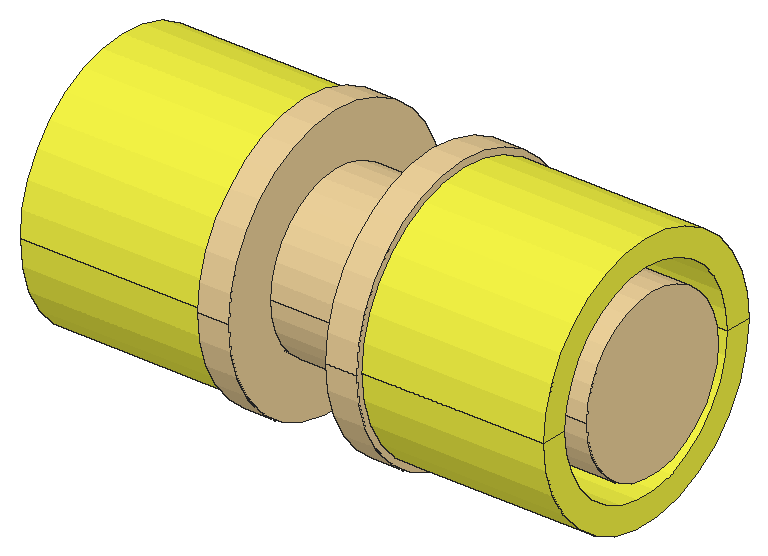
Revit family "Фитинг_Weser_Муфта прямая равнопроходная", category Соединительные детали трубопроводов, Revit 2020
Family settings
  Размер круглого соединителя = Использовать диаметр
  Тип детали = Соединение
  Номер OmniClass = 23.60.30.11.14
  Заголовок OmniClass = Pipework Fittings
  На основе рабочей плоскости = Нет
  Всегда вертикально = Да
  При загрузке вырезать с полостями = Нет
  Общий = Нет
Parameters (values of type "Латунь")
  Поиск в таблице имен 2 = "Фитинг_Weser_Муфта прямая равнопроходная(Код)"
  Отметка по умолчанию = 0 mm
  Общая длина L [instance] = size_lookup(Поиск в таблице имен, "L", 1 mm, ADSK_Диаметр условный, Диаметр условный 1)  # 44 mm
  Материал = 01_Латунь
  Type Comments = ""
  Длина1 [instance] = size_lookup(Поиск в таблице имен, "Length1", 1 mm, ADSK_Диаметр условный, Диаметр условный 1)  # 15.5 mm
  Диаметр условный 1 [instance] = ADSK_Диаметр условный  # 16 mm
  Видимость 2 [instance] = ADSK_Диаметр условный < Диаметр условный 1  # no
  Видимость 1 [instance] = ADSK_Диаметр условный > Диаметр условный 1  # no
  Максимальный номинальный диаметр 12 [instance] = if(ADSK_Диаметр условный > Диаметр условный 1, ADSK_Диаметр условный, Диаметр условный 1)  # 16 mm
  Loss Method = 1
  Поиск в таблице имен = "Фитинг_Weser_Муфта прямая равнопроходная(Наименование)"
  Длина2 [instance] = size_lookup(Поиск в таблице имен, "Length2", 1 mm, ADSK_Диаметр условный, Диаметр условный 1)  # 15.5 mm
  Таблица коэффициентов K = "Сужающийся переходник/Сочленение/Соединение/Расширяющийся переходник"
  Наружный диаметр фитинга 2 [instance] = size_lookup(Поиск в таблице имен, "Dn2", 1 mm, ADSK_Диаметр условный, Диаметр условный 1)  # 13.5 mm
  Наружный диаметр фитинга 1 [instance] = size_lookup(Поиск в таблице имен, "Dn1", 1 mm, ADSK_Диаметр условный, Диаметр условный 1)  # 13.5 mm
  Бортик [instance] = ADSK_Диаметр условный + 6 mm  # 22 mm
  z [instance] = size_lookup(Поиск в таблице имен, "z", 1 mm, ADSK_Диаметр условный, Диаметр условный 1)  # 2.5 mm
  URL = "https://www.weser.ru/about/documentation/"
  L2 [instance] = size_lookup(Поиск в таблице имен, "L2", 1 mm, ADSK_Диаметр условный, Диаметр условный 1)  # 8 mm
  L1 [instance] = size_lookup(Поиск в таблице имен, "L1", 1 mm, ADSK_Диаметр условный, Диаметр условный 1)  # 21 mm
  ADSK_Примечание [instance] = ""
  ADSK_Наименование краткое [instance] = "Соединитель"  # constant formula
  ADSK_Наименование [instance] = size_lookup(Поиск в таблице имен, "", "Решение не найдено", ADSK_Диаметр условный, Диаметр условный 1)  # "Муфта прямая равнопроходная DN16"
  ADSK_Масса_Текст [instance] = ""
  ADSK_Масса [instance] = 0
  ADSK_Марка = "WESERpex"  # constant formula
  ADSK_Код изделия [instance] = size_lookup(Поиск в таблице имен 2, "", "Решение не найдено", ADSK_Диаметр условный, Диаметр условный 1)  # "520005"
  ADSK_Завод-изготовитель = "Weser"  # constant formula
  ADSK_Единица измерения = "шт."  # constant formula
  ADSK_Диаметр условный [instance] = 16 mm
  ADSK_Группирование [instance] = ""
  ADSK_URL страницы изделия [instance] = ""
  ADSK_URL документации изделия [instance] = ""
Reference planes
  plane 1 "По центру (Вперед/Назад)": y = 0
  plane 2: z = 0
  plane 3 "По центру (Влево/Вправо)": x = 0
  plane 4: x = 44
  plane 5: y = 8
  plane 6: y = -8
  plane 7: z = -8
  plane 8: z = 8
  plane 9: x = 26
  plane 10: x = 28.5
  plane 11: y = -8
  plane 12: y = 8
  plane 13: z = 10.5
  plane 14: z = -10.5
  plane 15: z = 8
  plane 16: z = -8
  plane 17: x = 15.5
  plane 18: x = 18
Forms (mm)
  Extrusion 1, solid, material "01_Латунь" <- "Материал", detail levels fine
    sketch origin (0, 0, 0) x (0, 1, 0) y (0, 0, 1)
      loop
        circle (0, 0) r 6.75
    from 0 to 26
  Extrusion 2, solid, material "01_Латунь" <- "Материал", detail levels fine
    sketch origin (26, 130.135, 1219.2) x (0, 1, 0) y (0, 0, 1)
      loop
        circle (-130.135, -1219.2) r 11
    from 0 to 2.5
  Extrusion 3, solid, material "01_Латунь" <- "Материал", detail levels fine
    sketch origin (28.5, 120.781, 1166.522) x (0, 1, 0) y (0, 0, 1)
      loop
        circle (-120.781, -1166.522) r 6.75
    from 0 to 15.5
  Extrusion 4, solid, material "01_Латунь" <- "Материал", detail levels fine
    sketch origin (15.5, 130.135, 1219.2) x (0, 1, 0) y (0, 0, 1)
      loop
        circle (-130.135, -1219.2) r 11
    from 0 to 2.5
Lines and regions (mm)
  symbolic lines, visible <- "Видимость 1", detail levels coarse+medium
    curve 1: line (0, 8, 0) -> (44, 0, 0)
    curve 2: line (44, 0, 0) -> (0, -8, 0)
    curve 3: line (0, 8, 0) -> (0, -8, 0)
  symbolic lines, visible <- "Видимость 2", detail levels coarse+medium
    curve 4: line (44, -8, 0) -> (0, 0, 0)
    curve 5: line (0, 0, 0) -> (44, 8, 0)
    curve 6: line (44, 8, 0) -> (44, -8, 0)
  model lines, visible <- "Видимость 1", detail levels fine
    curve 7: line (0, 0, 8) -> (44, 0, 0)
    curve 8: line (44, 0, 0) -> (0, 0, -8)
  model lines, visible <- "Видимость 2", detail levels fine
    curve 9: line (44, 0, 8) -> (0, 0, 0)
    curve 10: line (0, 0, 0) -> (44, 0, -8)
  model lines, detail levels coarse+medium
    curve 11: line (0, 0, 0) -> (44, 0, 0)
    curve 12: line (0, 8, 0) -> (0, -8, 0)
    curve 13: line (44, 8, 0) -> (44, -8, 0)
Dimensions and locks
  equal spacing: plane 5, plane 1 "По центру (Вперед/Назад)", plane 6
  "ADSK_Диаметр условный": plane 5 to plane 6
  equal spacing: plane 7, plane 2, plane 8
  "ADSK_Диаметр условный": plane 7 to plane 8
  "z": plane 9 to plane 10
  equal spacing: plane 13, level, plane 14
  "L1": plane 13 to plane 14
  equal spacing: plane 15, level, plane 16
  "Диаметр условный 1": plane 15 to plane 16
  "L2": plane 11 to plane 1 "По центру (Вперед/Назад)"
  "L2": plane 1 "По центру (Вперед/Назад)" to plane 12
  "z": plane 17 to plane 18
  "Длина1": plane 3 "По центру (Влево/Вправо)" to plane 17
  "Общая длина L": plane 3 "По центру (Влево/Вправо)" to plane 4
  "Длина2": plane 10 to plane 4
  "Наружный диаметр фитинга 1": diameter of Extrusion 1 sketch curve
  "Наружный диаметр фитинга 2": diameter of Extrusion 3 sketch curve
  "Бортик": diameter of Extrusion 2 sketch curve
  "Бортик": diameter of Extrusion 4 sketch curve
  aligned and locked: plane 4 to curve 1
  aligned and locked: plane 8 to curve 7
  aligned and locked: plane 7 to curve 8
  aligned and locked: level to curve 9
  aligned and locked: plane 9 to Extrusion 1
  aligned and locked: plane 10 to Extrusion 2
  aligned and locked: plane 4 to Extrusion 3
  aligned and locked: Extrusion 3 to curve 8
  aligned and locked: plane 18 to Extrusion 4
  aligned and locked: plane 1 "По центру (Вперед/Назад)" to nested 1
  aligned and locked: level to nested 1
  aligned and locked: nested 1 to Extrusion 2
  aligned and locked: plane 1 "По центру (Вперед/Назад)" to nested 2
  aligned and locked: level to nested 2
  aligned and locked: Extrusion 4 to nested 2
  aligned and locked: plane 3 "По центру (Влево/Вправо)" to curve 11
  aligned and locked: plane 11 to curve 12
  aligned and locked: plane 12 to curve 12
  aligned and locked: curve 12 to plane 3 "По центру (Влево/Вправо)"
  aligned and locked: plane 11 to curve 13
  aligned and locked: plane 12 to curve 13
  aligned and locked: curve 13 to plane 4
Automatic sketch dimensions
  curve 7 to plane 3 "По центру (Влево/Вправо)" = 0 mm
  curve 8 to plane 3 "По центру (Влево/Вправо)" = 0 mm
  curve 10 to plane 4 = 0 mm
  curve 9 to plane 4 = 0 mm
  curve 10 to plane 7 = 0 mm
  curve 9 to plane 8 = 0 mm
  plane 1 "По центру (Вперед/Назад)" to curve 2 = 0 mm
  plane 1 "По центру (Вперед/Назад)" to curve 4 = 0 mm
  Extrusion 1 sketch curve to level = 0 mm
  Extrusion 1 sketch curve to plane 1 "По центру (Вперед/Назад)" = 0 mm
  Extrusion 2 sketch curve to level = 0 mm
  Extrusion 2 sketch curve to plane 1 "По центру (Вперед/Назад)" = 0 mm
  Extrusion 3 sketch curve to level = 0 mm
  Extrusion 3 sketch curve to plane 1 "По центру (Вперед/Назад)" = 0 mm
  Extrusion 4 sketch curve to level = 0 mm
  Extrusion 4 sketch curve to plane 1 "По центру (Вперед/Назад)" = 0 mm
Nested families
  nested 1: "Фитинг_Weser_Гильза монтажная, латунь" at (28.5, 0, 0), ADSK_Диаметр условный <- "ADSK_Диаметр условный", type "Желтая", detail levels fine
    with Радиус Наружный 10.5 mm, Радиус Внутренний 8.4 mm, ADSK_Наименование "Гильза монтажная DN16", Длина 15 mm, Видимость yes, ADSK_Примечание "", ADSK_Масса_Текст "", ADSK_Код изделия "520029", ADSK_Диаметр условный 16 mm, ADSK_Группирование "", ADSK_URL страницы изделия "", ADSK_URL документации изделия ""
  nested 2: "Фитинг_Weser_Гильза монтажная, латунь" at (0.5, 0, 0), ADSK_Диаметр условный <- "ADSK_Диаметр условный", type "Желтая", detail levels fine
    with Радиус Наружный 10.5 mm, Радиус Внутренний 8.4 mm, ADSK_Наименование "Гильза монтажная DN16", Длина 15 mm, Видимость yes, ADSK_Примечание "", ADSK_Масса_Текст "", ADSK_Код изделия "520029", ADSK_Диаметр условный 16 mm, ADSK_Группирование "", ADSK_URL страницы изделия "", ADSK_URL документации изделия ""
Connectors
  piping at (28.5, 0, 0), diameter 16, driven by "Диаметр условный 1"
    settings: on plane 10, index 2, connector inside diameter 609.6 mm, connector length 0 mm, flow factor 0, pipe flow 0.0 L/s, pressure drop 0.0 Pa, fitting loss kfactor 0, connector angle 0.00°, fixture units 0, engagement length 0 mm, angle of deflection 0.00°, flow configuration 0, flow direction 0, fitting loss method 0, system type 29, joint type 0, gender type 0, connector reference index -1, connector utility 0, adjustable connector no, is connector primary yes, connector description ""
  piping at (15.5, 0, 0), diameter 16, driven by "ADSK_Диаметр условный"
    settings: on Extrusion 4, index 3, connector inside diameter 609.6 mm, connector length 0 mm, flow factor 0, pipe flow 0.0 L/s, pressure drop 0.0 Pa, fitting loss kfactor 0, connector angle 0.00°, fixture units 0, engagement length 0 mm, angle of deflection 0.00°, flow configuration 0, flow direction 0, fitting loss method 0, system type 29, joint type 0, gender type 0, connector reference index -1, connector utility 0, adjustable connector no, is connector primary no, connector description ""
Definition of nested family "Фитинг_Weser_Гильза монтажная, латунь"
  Parameters (values of type "Желтая")
    Радиус Внутренний [instance] = size_lookup(Поиск в таблице имен, "Rv", ADSK_Диаметр условный / 1.9, ADSK_Диаметр условный)  # 16.4 mm
    Поиск в таблице имен 2 = "Фитинг_Weser_Гильза_монтажная_латунь(Код)"
    Default Elevation = 0 mm
    Материал = none
    Видимость [instance] = yes
    URL = ""
    Type Image = (empty or 0)
    Manufacturer = ""
    Поиск в таблице имен = "Фитинг_Weser_Гильза_монтажная_латунь(Наименование)"
    Длина [instance] = size_lookup(Поиск в таблице имен, "Length", ADSK_Диаметр условный, ADSK_Диаметр условный)  # 34 mm
    Радиус Наружный [instance] = size_lookup(Поиск в таблице имен, "Rn", ADSK_Диаметр условный / 1.5, ADSK_Диаметр условный)  # 19.5 mm
    Description = ""
    ADSK_Примечание [instance] = ""
    ADSK_Наименование краткое = ""
    ADSK_Наименование [instance] = size_lookup(Поиск в таблице имен, "", "Решение не найдено", ADSK_Диаметр условный)  # "Гильза монтажная DN32"
    ADSK_Масса_Текст [instance] = ""
    ADSK_Марка = ""
    ADSK_Код изделия [instance] = size_lookup(Поиск в таблице имен 2, "", "Решение не найдено", ADSK_Диаметр условный)  # "520032"
    ADSK_Завод-изготовитель = ""
    ADSK_Единица измерения = "шт."  # constant formula
    ADSK_Диаметр условный [instance] = 32 mm
    ADSK_Группирование [instance] = ""
    ADSK_URL страницы изделия [instance] = ""
    ADSK_URL документации изделия [instance] = ""
  Reference planes
    plane 1 "Center (Front/Back)": y = 0
    plane 2: z = 0
    plane 3 "Center (Left/Right)": x = 0
    plane 4: x = 34
    plane 5: y = 19.5
    plane 6: y = 50
    plane 7: y = 16.4
    plane 8: x = 5
  Forms (mm)
    Revolve 1, solid, material <- "Материал", visible <- "Видимость", detail levels fine
      sketch origin (0, 0, 0) x (1, 0, 0) y (0, 1, 0)
        loop
          line (0, 16.4) -> (34, 16.4) -> (34, 19.5) -> (0, 19.5) -> (0, 16.4)
        axis (34, 0) -> (0, 0)
      angle from 0 to 360
  Lines and regions (mm)
    reference lines
      curve 1: line (0, 0, 0) -> (34, 0, 0)
  Dimensions and locks
    "Длина": plane 3 "Center (Left/Right)" to plane 4
    "Радиус Наружный": plane 5 to plane 1 "Center (Front/Back)"
    locked: plane 6 to plane 1 "Center (Front/Back)" at 50
    "Радиус Внутренний": plane 7 to plane 1 "Center (Front/Back)"
    locked: plane 3 "Center (Left/Right)" to plane 8 at 5
    aligned and locked: level to plane 2
    aligned and locked: plane 4 to curve 1
    aligned and locked: plane 3 "Center (Left/Right)" to curve 1
    aligned and locked: plane 1 "Center (Front/Back)" to curve 1
    aligned and locked: plane 4 to Revolve 1 sketch curve
    aligned and locked: Revolve 1 sketch curve to plane 5
    aligned and locked: plane 3 "Center (Left/Right)" to Revolve 1 sketch curve
    aligned and locked: Revolve 1 sketch curve to plane 7
  Automatic sketch dimensions
    plane 1 "Center (Front/Back)" to Revolve 1 sketch curve = 0 mm
    Revolve 1 sketch curve to plane 3 "Center (Left/Right)" = 78.702 mm
    plane 4 to Revolve 1 sketch curve = 90.298 mm
